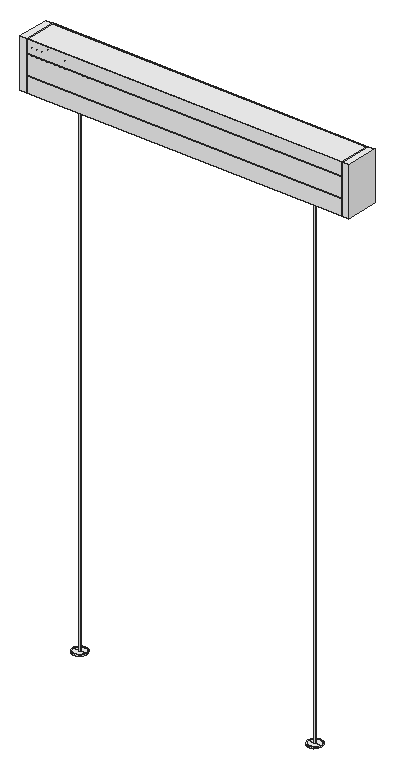
Revit family "2.3 inch  MAGIC WALL WASH LINEAR LIGHT", category Lighting Fixtures, host Face, Revit 2020 (continued)
Types (17): name | Wattage Comments | Wattage | Wall Mount | Suspenders Distance | Surface Mount | Recessed Mount | Photometric Web File | Pendent Mount | Order number | built-in parameter 1150142 | Model | built-in parameter 1150105 | Lumens | Light Source Height | Light Source Distance | built-in parameter 1150106 | Fixture Length
    \n 1901.76  1905.95  1910.07  1913.86  1917.65  1921.44  1924.06  1926.62  1929.13  1932.27  \r\n 1935.56  1938.86  1941.55  1943.89  1946.19  1948.63  1951.24  1953.85  1956.12  1955.43  \r\n 1952.22  1949.05  1947.24  1945.34  1943.36  1940.06  1936.41  1932.78  1929.08  1925.28  \r\n 1921.41  1917.40  1913.05  1908.66  1904.23  1899.83  1895.44  1891.05  1886.32  1881.26  \r\n 1876.18  1871.07  1865.95  1860.82  1855.66  1849.89  1843.82  1837.69  1831.48  1825.26  \r\n 1819.05  1812.86  1806.32  1799.61  1792.84  1779.56  1765.00  1749.91  1734.28  1718.11  \r\n 1701.39  1684.09  1666.20  1647.87  1629.03  1609.67  1589.77  1568.31  1546.42  1524.09  \r\n 1501.31  1477.99  1454.22  1430.00  1405.25  1379.68  1353.79  1327.57  1301.00  1273.78  \r\n 1246.35  1218.71  1190.85  1162.74  1134.51  1106.17  1081.65  1057.88  1034.47  1011.27  \r\n 988.28   965.51   942.70   920.11   897.75   875.61   853.75   832.35   811.17   790.21   \r\n 769.47   748.94   728.63   708.56   688.73   669.13   649.77   630.54   611.47   592.60   \r\n 573.91   555.41   537.09   521.70   507.49   493.34   479.25   465.23   451.27   437.38   \r\n 423.58   409.84   396.16   382.52   368.94   355.41   341.92   328.47   315.02   301.63   \r\n 288.28   274.98   261.72   248.51   235.33   222.20   209.10   197.07   189.18   181.31   \r\n 173.48   165.66   157.86   150.09   142.33   134.59   126.87   119.17   111.48   103.80   \r\n 96.14    88.48    80.84    73.21    65.58    57.96    50.34    42.73    35.12    27.51    \r\n 19.90    19.25    18.61    17.96    17.31    16.67    16.02    15.37    14.72    14.08    \r\n 13.43    12.78    12.14    11.49    10.85    10.21    9.57     8.93     8.30     7.66     \r\n 7.03     6.40     5.78     5.16     5.11     5.21     5.31     5.40     5.50     5.59     \r\n 5.68     5.78     5.87     5.96     6.04     6.13     6.22     6.30     6.39     6.47     \r\n 6.55     6.63     6.71     6.78     6.86     6.93     7.00     7.07     7.12     7.10     \r\n 7.07     7.05     7.03     7.01     6.98     6.96     6.93     6.91     6.88     6.85     \r\n 6.82     6.79     6.76     6.73     6.70     6.66     6.63     6.59     6.56     6.52     \r\n 6.49     6.46     6.43     6.40     6.37     6.34     6.24     6.14     6.05     5.96     \r\n 5.88     5.79     5.71     5.63     5.55     5.47     5.39     5.31     5.23     5.15     \r\n 5.08     4.99     4.90     4.82     4.73     4.65     4.58     4.50     4.43     4.36     \r\n 4.29     4.23     4.16     4.09     4.02     3.95     3.89     3.85     3.80     3.75     \r\n 3.70     3.65     3.61     3.57     3.54     3.50     3.47     3.45     3.43     3.41     \r\n 3.39     3.37     3.35     3.33     3.31     3.30     3.28     3.27     3.26     3.24     \r\n 3.23     3.23     3.22     3.21     3.21     3.21     3.20     3.20     3.21     3.21     \r\n 3.21     3.22     3.23     3.25     3.27     3.29     3.32     3.35     3.37     3.40     \r\n 3.42     3.45     3.47     3.50     3.52     3.55     3.57     3.59     3.62     3.64     \r\n 3.67     3.69     3.72     3.74     3.77     3.79     3.82     3.84     3.87     3.90     \r\n 3.93     3.96     3.98     4.00     4.02     4.06     4.09     4.13     4.17     4.22     \r\n 4.26     \r\n1793.11  1801.14  1809.14  1816.98  1824.16  1831.34  1838.32  1844.92  1851.52  1857.85  \r\n 1863.93  1870.01  1875.76  1881.37  1886.99  1892.46  1897.88  1903.29  1908.37  1913.44  \r\n 1918.41  1923.00  1927.58  1931.82  1935.20  1938.53  1942.13  1946.13  1950.16  1953.66  \r\n 1956.73  1959.78  1963.01  1966.33  1969.64  1971.86  1973.80  1975.71  1979.00  1982.51  \r\n 1986.06  1987.65  1987.04  1984.22  1981.52  1978.75  1975.86  1972.43  1968.96  1965.44  \r\n 1961.79  1958.15  1954.42  1950.20  1945.95  1941.68  1937.37  1933.05  1928.60  1923.52  \r\n 1918.37  1913.11  1907.36  1901.62  1895.91  1890.05  1884.14  1878.18  1871.43  1864.54  \r\n 1857.59  1850.52  1843.41  1836.27  1829.05  1821.76  1814.48  1806.51  1797.36  1783.12  \r\n 1764.16  1744.66  1724.65  1704.12  1681.79  1658.73  1635.29  1610.86  1585.31  1559.50  \r\n 1533.42  1505.99  1478.41  1450.69  1422.43  1393.75  1365.07  1336.39  1306.11  1275.92  \r\n 1245.96  1216.27  1186.96  1157.92  1129.15  1100.54  1072.04  1043.75  1015.68  987.97   \r\n 963.30   941.27   919.51   897.98   876.69   855.66   834.89   814.49   794.54   774.82   \r\n 755.33   736.06   717.19   698.50   679.99   661.65   643.44   625.27   607.27   589.45   \r\n 571.80   554.30   536.92   519.71   502.66   485.77   470.19   456.19   442.27   428.47   \r\n 414.77   401.19   387.71   374.30   360.99   347.79   334.69   321.69   308.78   295.98   \r\n 283.26   270.64   258.10   245.64   233.27   220.96   208.73   196.57   184.48   174.50   \r\n 167.01   159.54   152.11   144.70   137.32   129.97   122.64   115.33   108.04   100.77   \r\n 93.52    86.28    79.06    71.85    64.65    57.46    50.28    43.10    35.92    28.75    \r\n 21.58    20.81    20.05    19.29    18.52    17.76    16.99    16.23    15.46    14.70    \r\n 13.93    13.17    12.41    11.65    10.89    10.13    9.38     8.63     7.88     7.13     \r\n 6.39     5.65     5.37     5.49     5.60     5.71     5.82     5.93     6.04     6.15     \r\n 6.26     6.36     6.47     6.58     6.69     6.79     6.90     7.00     7.09     7.19     \r\n 7.28     7.37     7.46     7.55     7.63     7.67     7.66     7.65     7.64     7.62     \r\n 7.61     7.59     7.57     7.55     7.53     7.51     7.49     7.46     7.44     7.41     \r\n 7.38     7.36     7.33     7.30     7.27     7.23     7.20     7.16     7.12     7.09     \r\n 7.05     6.96     6.83     6.69     6.55     6.42     6.29     6.16     6.04     5.92     \r\n 5.80     5.68     5.57     5.46     5.36     5.26     5.16     5.07     4.98     4.90     \r\n 4.82     4.74     4.67     4.60     4.53     4.46     4.40     4.34     4.27     4.22     \r\n 4.16     4.08     4.00     3.93     3.87     3.81     3.76     3.71     3.66     3.62     \r\n 3.57     3.52     3.47     3.42     3.38     3.34     3.31     3.27     3.23     3.20     \r\n 3.17     3.15     3.13     3.11     3.10     3.09     3.08     3.07     3.06     3.05     \r\n 3.05     3.04     3.04     3.04     3.03     3.03     3.04     3.04     3.04     3.06     \r\n 3.08     3.11     3.13     3.16     3.18     3.20     3.23     3.25     3.28     3.31     \r\n 3.34     3.37     3.40     3.42     3.45     3.47     3.50     3.53     3.56     3.58     \r\n 3.61     3.64     3.67     3.70     3.72     3.75     3.77     3.80     3.83     3.86     \r\n 3.90     3.93     3.96     3.98     4.00     4.04     4.08     4.12     4.17     4.21     \r\n 4.26     \r\n1793.11  1802.18  1811.22  1819.90  1828.06  1836.21  1843.88  1851.41  1858.84  1865.80  \r\n 1872.75  1879.41  1885.84  1892.29  1898.58  1904.84  1910.98  1916.88  1922.76  1928.27  \r\n 1933.61  1938.88  1943.02  1947.11  1951.45  1956.15  1960.86  1964.85  1968.63  1972.42  \r\n 1976.41  1980.40  1983.68  1986.23  1988.76  1992.49  1996.50  2000.21  2002.36  2004.48  \r\n 2006.61  2008.81  2011.02  2012.74  2014.33  2015.86  2014.03  2011.15  2008.07  2004.70  \r\n 2001.30  1997.85  1994.37  1990.86  1986.80  1982.65  1978.22  1972.97  1967.75  1962.64  \r\n 1957.63  1952.56  1946.91  1940.93  1934.88  1928.46  1921.96  1915.43  1908.61  1901.79  \r\n 1894.68  1886.23  1877.71  1869.09  1860.35  1851.55  1841.93  1831.09  1820.09  1807.95  \r\n 1794.53  1780.92  1766.10  1750.03  1732.24  1704.50  1675.70  1646.89  1616.24  1583.61  \r\n 1551.23  1519.02  1486.96  1455.21  1423.81  1392.85  1362.14  1331.64  1300.97  1270.62  \r\n 1240.59  1210.71  1181.12  1151.88  1123.01  1094.59  1066.59  1039.03  1012.09  985.70   \r\n 959.85   934.54   909.64   885.14   861.03   838.89   818.91   799.14   779.63   760.47   \r\n 741.48   722.67   704.01   685.47   667.10   648.90   630.87   613.01   595.32   577.81   \r\n 560.47   543.40   526.49   509.73   493.12   476.62   460.23   443.99   427.89   411.93   \r\n 398.06   385.11   372.30   359.62   347.07   334.64   322.37   310.24   298.22   286.33   \r\n 274.54   262.87   251.31   239.91   228.61   217.42   206.34   195.34   184.44   173.63   \r\n 162.89   154.34   147.50   140.66   133.83   127.00   120.17   113.34   106.51   99.68    \r\n 92.85    86.03    79.20    72.37    65.54    58.71    51.88    45.05    38.21    31.37    \r\n 24.53    23.57    22.60    21.63    20.66    19.70    18.73    17.76    16.79    15.83    \r\n 14.86    13.91    12.95    12.00    11.06    10.12    9.19     8.26     7.35     6.44     \r\n 6.00     6.12     6.24     6.35     6.47     6.58     6.69     6.81     6.92     7.03     \r\n 7.13     7.24     7.34     7.45     7.55     7.65     7.74     7.82     7.90     7.98     \r\n 8.06     8.12     8.14     8.15     8.15     8.16     8.16     8.16     8.16     8.16     \r\n 8.16     8.15     8.15     8.13     8.12     8.11     8.09     8.07     8.04     8.02     \r\n 7.99     7.97     7.94     7.90     7.87     7.83     7.73     7.57     7.41     7.26     \r\n 7.10     6.95     6.79     6.64     6.50     6.36     6.23     6.09     5.96     5.82     \r\n 5.69     5.57     5.44     5.32     5.20     5.08     4.96     4.85     4.75     4.64     \r\n 4.54     4.45     4.35     4.27     4.19     4.11     4.04     3.98     3.93     3.89     \r\n 3.84     3.80     3.76     3.72     3.68     3.64     3.60     3.56     3.51     3.44     \r\n 3.39     3.34     3.29     3.24     3.20     3.16     3.12     3.08     3.03     3.00     \r\n 2.97     2.94     2.92     2.90     2.87     2.86     2.85     2.83     2.83     2.82     \r\n 2.82     2.82     2.83     2.83     2.84     2.85     2.88     2.90     2.93     2.96     \r\n 2.98     3.01     3.04     3.06     3.09     3.12     3.15     3.17     3.20     3.23     \r\n 3.26     3.29     3.32     3.35     3.39     3.41     3.44     3.47     3.50     3.53     \r\n 3.56     3.59     3.62     3.65     3.68     3.71     3.74     3.77     3.80     3.83     \r\n 3.86     3.90     3.94     3.97     3.99     4.02     4.06     4.11     4.16     4.21     \r\n 4.26     \r\n1793.11  1803.15  1813.16  1822.64  1831.70  1840.69  1849.09  1857.50  1865.48  1873.26  \r\n 1880.91  1888.10  1895.32  1902.41  1909.47  1916.39  1923.07  1929.73  1935.85  1941.90  \r\n 1947.45  1952.30  1957.10  1962.43  1967.79  1972.69  1977.15  1981.60  1986.24  1990.87  \r\n 1994.62  1997.76  2001.04  2005.47  2009.96  2013.32  2016.02  2018.68  2021.27  2023.90  \r\n 2026.20  2028.33  2030.37  2032.13  2033.87  2035.24  2036.43  2037.59  2038.66  2039.71  \r\n 2040.49  2037.68  2034.34  2029.62  2024.92  2020.58  2016.46  2012.28  2007.28  2002.21  \r\n 1996.77  1990.95  1985.10  1978.84  1972.53  1965.84  1958.16  1950.40  1942.48  1934.45  \r\n 1926.26  1916.62  1906.82  1895.98  1883.78  1871.38  1857.66  1843.31  1828.46  1811.39  \r\n 1793.96  1774.72  1752.63  1729.90  1706.23  1681.76  1656.66  1631.40  1605.60  1579.05  \r\n 1550.88  1519.42  1486.36  1453.32  1420.64  1388.04  1355.50  1323.42  1291.34  1259.44  \r\n 1228.13  1198.24  1169.34  1140.87  1113.20  1086.12  1059.40  1033.45  1008.14  983.12   \r\n 958.34   933.78   909.54   885.61   861.99   838.68   815.67   793.29   771.24   749.53   \r\n 728.02   708.43   689.83   671.39   653.02   634.85   616.89   599.12   581.55   564.20   \r\n 547.07   530.11   513.36   496.84   480.53   464.53   448.74   433.12   417.69   402.48   \r\n 387.53   372.81   358.31   344.02   331.66   320.43   309.39   298.54   287.87   277.44   \r\n 267.20   257.12   247.19   237.41   227.76   218.39   209.14   199.96   190.84   181.78   \r\n 172.77   163.82   154.91   146.89   139.85   132.80   125.76   118.73   111.70   104.67   \r\n 97.64    90.62    83.59    76.57    69.54    62.52    55.50    48.47    41.44    34.41    \r\n 27.38    26.14    24.91    23.67    22.43    21.19    19.96    18.72    17.49    16.27    \r\n 15.05    13.83    12.63    11.43    10.24    9.06     7.89     6.73     6.26     6.39     \r\n 6.53     6.66     6.80     6.93     7.06     7.19     7.33     7.46     7.59     7.72     \r\n 7.85     7.97     8.09     8.21     8.32     8.42     8.53     8.60     8.64     8.67     \r\n 8.71     8.74     8.76     8.79     8.81     8.82     8.84     8.85     8.86     8.87     \r\n 8.87     8.87     8.86     8.85     8.83     8.82     8.80     8.79     8.76     8.73     \r\n 8.65     8.46     8.28     8.10     7.92     7.74     7.56     7.39     7.22     7.05     \r\n 6.89     6.73     6.57     6.42     6.27     6.12     5.97     5.83     5.69     5.55     \r\n 5.41     5.27     5.13     5.00     4.88     4.76     4.65     4.53     4.42     4.31     \r\n 4.22     4.14     4.06     3.99     3.91     3.84     3.77     3.70     3.64     3.58     \r\n 3.52     3.48     3.43     3.39     3.36     3.33     3.29     3.26     3.23     3.19     \r\n 3.16     3.13     3.09     3.05     3.00     2.95     2.91     2.87     2.83     2.80     \r\n 2.76     2.73     2.69     2.66     2.64     2.63     2.61     2.60     2.60     2.59     \r\n 2.59     2.62     2.64     2.67     2.71     2.74     2.78     2.81     2.84     2.87     \r\n 2.90     2.93     2.95     2.98     3.01     3.04     3.07     3.10     3.13     3.16     \r\n 3.19     3.22     3.25     3.28     3.32     3.36     3.39     3.42     3.45     3.48     \r\n 3.51     3.55     3.58     3.61     3.64     3.68     3.71     3.74     3.77     3.80     \r\n 3.84     3.88     3.92     3.96     3.98     4.00     4.05     4.10     4.15     4.20     \r\n 4.26     \r\n1793.11  1804.04  1814.95  1825.16  1835.07  1844.71  1853.93  1863.09  1871.64  1880.19  \r\n 1888.25  1896.17  1904.04  1911.83  1919.57  1926.97  1934.37  1941.20  1947.92  1954.05  \r\n 1959.58  1965.16  1971.11  1977.08  1982.30  1987.40  1992.56  1997.79  2002.69  2006.40  \r\n 2010.08  2014.80  2019.70  2023.70  2026.95  2030.12  2033.10  2036.11  2038.80  2041.43  \r\n 2043.88  2046.16  2048.31  2050.00  2051.68  2053.24  2054.76  2055.96  2056.83  2057.57  \r\n 2057.00  2056.40  2056.27  2056.35  2056.19  2055.57  2054.92  2051.14  2046.01  2040.51  \r\n 2034.75  2028.81  2021.99  2015.10  2007.97  2000.74  1993.10  1984.69  1976.12  1965.56  \r\n 1954.64  1943.13  1930.92  1918.36  1903.61  1888.48  1871.73  1853.36  1834.31  1814.09  \r\n 1793.23  1771.87  1749.99  1727.44  1702.78  1677.55  1651.41  1624.40  1596.81  1567.74  \r\n 1538.04  1507.24  1475.01  1442.12  1410.11  1378.03  1345.66  1313.82  1281.50  1251.77  \r\n 1223.59  1195.70  1167.91  1140.38  1113.19  1086.42  1059.97  1033.85  1008.12  982.74   \r\n 957.61   932.73   908.21   884.16   860.48   837.12   813.92   791.00   768.43   746.04   \r\n 723.97   702.27   681.31   660.85   640.77   620.79   600.95   581.60   564.05   547.10   \r\n 530.39   513.92   497.48   481.33   465.47   450.16   435.45   421.08   407.06   393.65   \r\n 380.69   368.12   355.92   344.19   332.81   321.76   311.04   300.54   290.43   281.02   \r\n 271.66   262.35   252.88   243.46   234.12   224.86   215.67   206.55   197.50   188.51   \r\n 179.59   170.73   161.93   153.18   144.50   136.28   129.16   122.05   114.96   107.87   \r\n 100.80   93.74    86.69    79.65    72.61    65.57    58.54    51.50    44.47    37.44    \r\n 30.40    28.80    27.19    25.58    23.97    22.36    20.76    19.16    17.56    15.98    \r\n 14.41    12.84    11.29    9.75     8.23     6.72     6.44     6.58     6.72     6.86     \r\n 7.00     7.14     7.28     7.42     7.56     7.70     7.84     7.98     8.12     8.25     \r\n 8.39     8.53     8.67     8.78     8.87     8.95     9.03     9.10     9.17     9.24     \r\n 9.30     9.36     9.41     9.46     9.51     9.55     9.59     9.61     9.63     9.64     \r\n 9.64     9.65     9.65     9.65     9.48     9.28     9.08     8.88     8.68     8.48     \r\n 8.29     8.09     7.90     7.71     7.52     7.33     7.16     6.99     6.81     6.63     \r\n 6.45     6.28     6.11     5.95     5.79     5.64     5.49     5.34     5.20     5.06     \r\n 4.93     4.79     4.67     4.57     4.47     4.38     4.29     4.20     4.10     4.01     \r\n 3.93     3.86     3.79     3.71     3.64     3.58     3.51     3.45     3.38     3.32     \r\n 3.25     3.18     3.10     3.05     3.00     2.95     2.92     2.89     2.87     2.85     \r\n 2.83     2.81     2.79     2.76     2.74     2.71  
